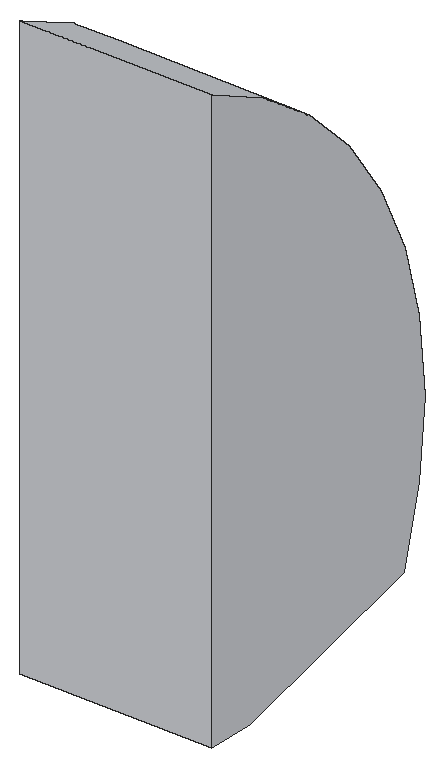
Revit family "DAN DRYER Stainless Design Mini Design 296", category Furniture Systems, host Wall, Revit 2017
Family settings
  Host = Wall
  Round Connector Dimension = Use Diameter
  Part Type = Normal
  Always vertical = Yes
  Cut with Voids When Loaded = No
  Shared = No
  Room Calculation Point = No
Parameters (values of type "Stål")
  Wicth = 120 mm
  URL = "http://www.dandryer.com/Files/Billeder/PDF/Datablade/Nye/Technical%20data%20sheet%20296.pdf"
  Type Image = <None>
  Offset from Floor = 1500 mm
  Model = "Stainless design"
  Manufacturer = "http://www.dandryer.com/"
  Height = 367 mm
  Description = "STAINLESS DESIGN Manual soap dispenser Art. no. 296"
  Cost = 0
Reference planes
  plane 1 "Wall": y = 0
  plane 2 "Center (Left/Right)": x = 125
  plane 3 "Back": y = 75
  plane 4 "Top": z = 1500
  plane 5 "Bund": z = 1133
  plane 6: x = 185
  plane 7: x = 65
  plane 8 "Manual": through (-8600, 181.187, 1185.25) normal (0, -0.8572, -0.515)
Forms (mm)
  Extrusion 1, solid
    sketch origin (125, 0, 0) x (0, 1, 0) y (0, 0, 1)
      loop
        line (75, 1133) -> (105, 1133) -> (225.741, 1165.352)
        arc (225.741, 1165.352) -> (240.929, 1234.291) -> (237.943, 1304.82) r 273.151
        arc (237.943, 1304.82) -> (182.627, 1424.246) -> (75, 1500) r 254.198
        line (75, 1500) -> (75, 1133)
    from -60 to 60
  Extrusion 2, void
    sketch origin (125, 125.577, 1138.513) x (0, -0.965926, -0.258819) y (1, 0, 0)
      loop
        line (-84.103, 0) -> (-84.103, -45) -> (-44.103, -45) -> (-44.103, -30) -> (-54.103, -30) -> (-54.103, -20) -> (-44.103, -20) -> (-44.103, 0) -> (-44.103, 20) -> (-54.103, 20) -> (-54.103, 30) -> (-44.103, 30) -> (-44.103, 45) -> (-84.103, 45) -> (-84.103, 0)
    from 0 to 5
  Sweep 3, solid
    path origin (-8600, 181.187, 1185.25) x (0, -0.515038, 0.857167) y (-1, 0, 0)
      loop
        line (-18.355, -8749.699) -> (-43.355, -8749.699)
        arc (-43.355, -8749.699) -> (-46.891, -8748.234) -> (-48.355, -8744.699) r 5
        line (-48.355, -8744.699) -> (-48.355, -8704.699)
        arc (-48.355, -8704.699) -> (-46.891, -8701.163) -> (-43.355, -8699.699) r 5
        line (-43.355, -8699.699) -> (-18.355, -8699.699)
    profile origin (149.699, 197.078, 1158.802) x (1, 0, 0) y (0, -0.857167, -0.515038)
      loop
        circle (0, 0) r 2
Cuts and joins
  Extrusion 2 cuts Extrusion 1
Text (mm)
  text "Placement Side" at (-1848.837, 1116.779, 0), in view "Ref. Level"
  text "Placement side" at (0, 1409.804, 2854.306), in view "Left"
  text "Placement side" at (0, 499.811, 2980.732), in view "Right"
Dimensions and locks
  locked: plane 3 "Back" to host wall
  "Height": plane 5 "Bund" to plane 4 "Top"
  equal spacing: plane 7, plane 2 "Center (Left/Right)", plane 6
  "Wicth": plane 7 to plane 6
  "Offset from Floor": level to plane 4 "Top"
  aligned and locked: plane 1 "Wall" to host wall
  aligned and locked: Extrusion 1 sketch curve to host wall
  aligned and locked: plane 7 to Extrusion 1
  aligned and locked: Extrusion 1 to plane 6
Automatic sketch dimensions
  Extrusion 1 sketch curve to plane 5 "Bund" = 0 mm
  Extrusion 1 sketch curve to plane 4 "Top" = 0 mm
  host wall to Extrusion 1 sketch curve = 12.51 mm
  Extrusion 1 sketch curve to Extrusion 1 sketch curve = 18.673 mm
  Extrusion 1 sketch curve to Extrusion 1 sketch curve = 30 mm
  plane 5 "Bund" to Extrusion 1 sketch curve = 32.352 mm
  Extrusion 1 sketch curve to Extrusion 1 sketch curve = 120.741 mm
  Extrusion 1 sketch curve to Extrusion 1 sketch curve = 3.242 mm
  Extrusion 1 sketch curve to Extrusion 1 sketch curve = 0 mm
  Extrusion 1 to Extrusion 2 sketch curve = 19.594 mm
  Extrusion 2 sketch curve to Extrusion 2 sketch curve = 30 mm  (x2)
  Extrusion 2 sketch curve to Extrusion 2 sketch curve = 10 mm  (x5)
  Extrusion 2 sketch curve to Extrusion 1 = 15 mm  (x2)
  Extrusion 2 sketch curve to Extrusion 2 sketch curve = 15 mm
  Extrusion 2 sketch curve to Extrusion 2 sketch curve = 20 mm  (x3)
  Sweep 3 sketch curve to plane 8 "Manual" = 0 mm
  Sweep 3 sketch curve to profile plane = 0 mm
  plane 2 "Center (Left/Right)" to Sweep 3 sketch curve = 19.699 mm
  Sweep 3 sketch curve to Sweep 3 sketch curve = 5 mm  (x2)
  Sweep 3 sketch curve to plane 2 "Center (Left/Right)" = 20.301 mm
  Sweep 3 sketch curve to Sweep 3 sketch curve = 25 mm  (x2)
  radius of Sweep 3 sketch curve = 2 mm
